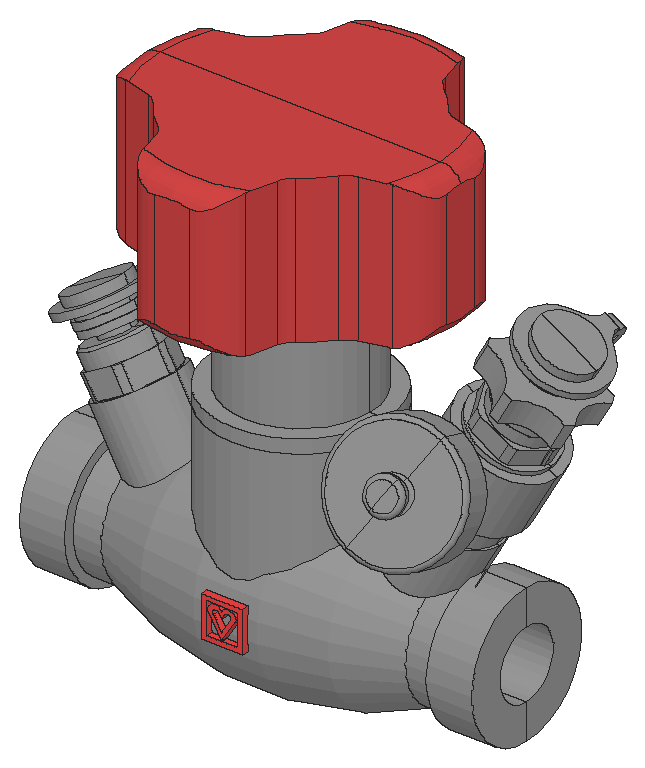
Revit family "HERZ Strömax клапан балансировочный с измерительными клапанами 4217 GML (LF-MF)", category Rohrzubehör, Revit 2018
Family settings
  Bemaßung runder Anschluss = Durchmesser verwenden
  Teiletyp = Unterbricht
  OmniClass-Nummer = 23.65.55.14
  OmniClass-Titel = Valves for Liquid Services
  Arbeitsebenenbasiert = Nein
  Immer vertikal = Ja
  Beim Laden mit Abzugskörper schneiden = Nein
  Gemeinsam genutzt = Nein
Parameters (values of type "LF")
  Среда = "Качество теплоносителя в соответствии с ÖNORM H5195 и VDI 2035.\r\nДопускается использование этилен- и пропиленгликоля в соотношении 25-50% с водой."
  Положение клапана при монтаже = "Неподнимающийся шпиндель, расположенный перпендикулярно оси клапана, обеспечивает доступность и лёгкость в обслуживании в любом монтажном положении."
  Область применения = "Балансировочные клапаны применяются для гидравлической балансировки систем отопления и охлаждения, регулировки магистральных трубопроводов, стояков, теплообменников, регистров отопления и охлаждения."
  Номер заказа [instance] = if(and(LF, Nennweite = 15.00 mm), 1421710, if(and(MF, Nennweite = 15.00 mm), 1421719, 0))  # 1421710
  Макс. рабочее давление = 1600000.0 Pa  # constant formula
  Макс. рабочая температура (с DN40) = 110 °C  # constant formula
  Макс. рабочая температура (до DN32) = 130 °C  # constant formula
  Корпус = "латунь, устойчивая к селективной цинковой коррозии"  # constant formula
  Исполнение = "STRÖMAX-GML Балансировочный клапан с измерительными клапанами и подключением импульсной трубки, 1/2′′ – 3′′.\r\nИсполнение с прямым невыдвижным шпинделем, муфта х муфта, латунный корпус без покрытия, уплотнение шпинделя двойным кольцевым уплотнением O-Ring, преднастройка посредством ограничения хода внутреннего шпинделя, цифровые показания степени настройки отображаются в окне маховика.\r\nОдин измерительный клапан расположен перед седлом балансировочного клапана, другой измерительный клапан с возможностью подключения импульсной трубки - после седла."
  Измерение перепада давления = "Клапаны STRÖMAX-GML оснащен двумя измерительными клапанами:\r\nс помощью измерительного прибора можно измерить перепад давления и по нему определить текущий расход в зависимости от степени преднастройки.\r\nHERZ Измерительный компьютер (1 8900 05) позволяет напрямую считывать расход (см. руководство к измерительным приборам)."
  kvs-значения [instance] = if(and(LF, Nennweite = 15.00 mm), 0.93, if(and(MF, Nennweite = 15.00 mm), 3.49, 0))  # 0.93
  W02 = 60.00°  # constant formula
  W01 = 30.00°  # constant formula
  URL = "www.herz-armaturen.ru"
  SC_NennweiteBerechnet = 0
  SC_Dimension = ""
  SCRNSEQ = "ARM;ARM_TYP=\"STRV\";2"
  SCRNCODE = "05;07;02"  # constant formula
  S02 = 60.00 mm  # constant formula
  S01 [instance] = H00 + H01  # 68.20 mm
  R01 [instance] = 21.00 mm  # constant formula
  Nennweite [instance] = 15.00 mm
  ML02 [instance] = 30.20 mm  # constant formula
  ML01 [instance] = 20.67 mm  # constant formula
  MF [instance] = no
  MD01 = 9.50 mm  # constant formula
  LF [instance] = yes
  L02 [instance] = 10.00 mm  # constant formula
  L01 [instance] = 16.30 mm  # constant formula
  L00 [instance] = 100.00 mm  # constant formula
  IG [instance] = Nennweite / 2  # 7.50 mm
  Hersteller = "HERZ Armaturen Ges.m.b.H."  # constant formula
  H04 [instance] = 2.50 mm  # constant formula
  H03 = 10.00 mm  # constant formula
  H02 [instance] = 3.00 mm  # constant formula
  H01 [instance] = 33.30 mm  # constant formula
  H00 [instance] = 34.90 mm  # constant formula
  Вес [instance] = if(and(LF, Nennweite = 15.00 mm), "0.98 kg", if(and(MF, Nennweite = 15.00 mm), "0.97 kg", "0 kg"))  # "0.98 kg"
  GT [instance] = 15.00 mm  # constant formula
  DN50-DN80 [instance] = H00 + H01  # 68.20 mm
  DN15-DN40 [instance] = H00 + H01  # 68.20 mm
  DN15 [instance] = Nennweite = 15.00 mm  # yes
  D06 [instance] = 15.40 mm  # constant formula
  D05 [instance] = 13.15 mm  # constant formula
  D04 = 9.00 mm  # constant formula
  D03 [instance] = 19.00 mm  # constant formula
  D02 [instance] = 15.25 mm  # constant formula
  D01 [instance] = 13.20 mm  # constant formula
Types (3, lengths in mm): name | Номер заказа | kvs-значения | MF | LF | Вес
  (no name) | 1421710 | 0.93 | no | yes | "0.98 kg"
  LF | 1421710 | 0.93 | no | yes | "0.98 kg"
  MF | 1421719 | 3.49 | yes | no | "0.97 kg"
Reference planes
  plane 1 "Mitte (Vorne/hinten)": y = 0
  plane 2: z = 0
  plane 3 "Mitte (Links/rechts)": x = 0
Forms (mm)
  Revolve 1, solid, material "Messing, weicher Gelbton, geschweißt", detail levels fine
    sketch origin (0, 0, 0) x (1, 0, 0) y (0, 0, 1)
      loop
        line (-50, 15.25) -> (-50, 7.5) -> (-35, 7.5) -> (-35, 0) -> (35, 0) -> (35, 7.5) -> (50, 7.5) -> (50, 15.25) -> (40, 15.25) -> (40, 13.2) -> (33.7, 13.2)
        arc (33.7, 13.2) -> (0, 21) -> (-33.7, 13.2) r 76.701
        line (-33.7, 13.2) -> (-40, 13.2) -> (-40, 15.25) -> (-50, 15.25)
      axis (-50, 0) -> (50, 0)
    angle from 0 to 360
  Revolve 2, solid, material "Messing, weicher Gelbton, geschweißt", detail levels fine
    sketch origin (0, 0, 0) x (1, 0, 0) y (0, 0, 1)
      loop
        line (20.67, 0) -> (35.77, 26.154) -> (27.543, 30.904) -> (12.443, 4.75) -> (20.67, 0)
      axis (20.67, 0) -> (35.77, 26.154)
    angle from 0 to 360
  Revolve 3, solid, material "Messing, weicher Gelbton, geschweißt", detail levels fine
    sketch origin (0, 0, 0) x (1, 0, 0) y (0, 0, 1)
      loop
        line (0, 0) -> (0, 34.9) -> (-19, 34.9) -> (-19, 0) -> (0, 0)
      axis (0, 34.9) -> (0, 0)
    angle from 0 to 360
  Revolve 4, solid, material "Messing, weicher Gelbton, geschweißt", detail levels fine
    sketch origin (0, 0, 0) x (-1, 0, 0) y (0, 0, 1)
      loop
        line (20.67, 0) -> (35.77, 26.154) -> (27.543, 30.904) -> (12.443, 4.75) -> (20.67, 0)
      axis (20.67, 0) -> (35.77, 26.154)
    angle from 0 to 360
  Revolve 5, solid, material "Messing, weicher Gelbton, geschweißt", detail levels fine
    sketch origin (0, 0, 0) x (1, 0, 0) y (0, 0, 1)
      loop
        line (0, 34.9) -> (0, 68.2) -> (-9, 68.2) -> (-9, 58.2) -> (-13.15, 58.2) -> (-13.15, 55.7) -> (-15.4, 55.7) -> (-15.4, 37.9) -> (-19, 37.9) -> (-19, 34.9) -> (0, 34.9)
      axis (0, 68.2) -> (0, 34.9)
    angle from 0 to 360
Lines and regions (mm)
  model lines, detail levels coarse+medium
    curve 1: line (-50, 0, 15.25) -> (-50, 0, -15.25)
    curve 2: line (-50, 0, -15.25) -> (50, 0, 15.25)
    curve 3: line (50, 0, 15.25) -> (50, 0, -15.25)
    curve 4: line (50, 0, -15.25) -> (-50, 0, 15.25)
    curve 5: line (0, 0, 0) -> (39.375, 0, 68.2)
    curve 6: line (13.395, 0, 83.2) -> (65.356, 0, 53.2)
    curve 7: line (-50, 15.25, 0) -> (-50, -15.25, 0)
    curve 8: line (-50, -15.25, 0) -> (50, 15.25, 0)
    curve 9: line (50, 15.25, 0) -> (50, -15.25, 0)
    curve 10: line (50, -15.25, 0) -> (-50, 15.25, 0)
    curve 11: line (0, 0, 0) -> (39.375, 68.2, 0)
    curve 12: line (13.395, 83.2, 0) -> (65.356, 53.2, 0)
Dimensions and locks
  "IG": Revolve 1 sketch curve to plane 2
  "GT": Revolve 1 sketch curve to Revolve 1 sketch curve  (x2)
  "IG": Revolve 1 sketch curve to Revolve 1 sketch curve
  "D01": Revolve 1 sketch curve to Revolve 1 sketch curve  (x2)
  "R01": Revolve 1 sketch curve to Revolve 1 sketch curve
  "L02": Revolve 1 sketch curve to Revolve 1 sketch curve  (x2)
  "L01": Revolve 1 sketch curve to Revolve 1 sketch curve  (x2)
  "D02": Revolve 1 sketch curve to plane 2  (x2)
  equal spacing: Revolve 1 sketch curve, plane 3 "Mitte (Links/rechts)", Revolve 1 sketch curve
  "L00": Revolve 1 sketch curve to Revolve 1 sketch curve
  "R01": nested 1 to plane 1 "Mitte (Vorne/hinten)"
  "ML01": Revolve 2 sketch curve to plane 3 "Mitte (Links/rechts)"
  "H00": Revolve 3 sketch curve to plane 2
  "D03": Revolve 3 sketch curve to Revolve 3 sketch curve
  "ML02": Revolve 2 sketch curve to Revolve 2 sketch curve
  "MD01": Revolve 2 sketch curve to Revolve 2 sketch curve  (x2)
  "ML02": Revolve 4 sketch curve to Revolve 4 sketch curve
  "MD01": Revolve 4 sketch curve to Revolve 4 sketch curve  (x2)
  "ML01": plane 3 "Mitte (Links/rechts)" to Revolve 4 sketch curve
  "H00": Revolve 5 sketch curve to plane 2
  "H01": Revolve 5 sketch curve to Revolve 5 sketch curve
  "D04": Revolve 5 sketch curve to Revolve 5 sketch curve
  "D03": Revolve 5 sketch curve to Revolve 5 sketch curve
  "D05": Revolve 5 sketch curve to Revolve 5 sketch curve
  "D06": Revolve 5 sketch curve to Revolve 5 sketch curve
  "H02": Revolve 5 sketch curve to Revolve 5 sketch curve
  "H03": Revolve 5 sketch curve to Revolve 5 sketch curve
  "H04": Revolve 5 sketch curve to Revolve 5 sketch curve
  "DN15-DN40": nested 2 to plane 2
  "D02": curve 4 to plane 2 to curve 2
  "D02": curve 3 to plane 2 to curve 4
  equal spacing: curve 1, plane 3 "Mitte (Links/rechts)", curve 3
  "L00": curve 1 to curve 3
  equal spacing: Revolve 1, curve 5, Revolve 1
  "S01": curve 5 to plane 2
  equal spacing: curve 6, curve 5, curve 6
  "S02": curve 6 to curve 6
  "D02": curve 8 to plane 1 "Mitte (Vorne/hinten)" to curve 10
  "D02": curve 10 to plane 1 "Mitte (Vorne/hinten)" to curve 9
  equal spacing: curve 7, plane 3 "Mitte (Links/rechts)", curve 9
  "L00": curve 7 to curve 9
  equal spacing: curve 7, curve 11, curve 9
  "S01": plane 1 "Mitte (Vorne/hinten)" to curve 11
  equal spacing: curve 12, curve 11, curve 12
  "S02": curve 12 to curve 12
  "W01": angle Revolve 2 sketch curve to plane 3 "Mitte (Links/rechts)"  (x2)
  "W01": angle plane 3 "Mitte (Links/rechts)" to Revolve 4 sketch curve  (x2)
  "W02": angle plane 2 to curve 5
  "W02": angle plane 1 "Mitte (Vorne/hinten)" to curve 11
  aligned and locked: level to plane 2
Automatic sketch dimensions
  Revolve 1 sketch curve to level = 0.00 mm  (x2)
  Revolve 1 sketch curve to Revolve 1 sketch curve = 1429.986 mm
  Revolve 1 sketch curve to Revolve 1 sketch curve = 1762.604 mm
  Revolve 2 sketch curve to level = 0.00 mm  (x2)
  Revolve 3 sketch curve to level = 0.00 mm
  Revolve 3 sketch curve to plane 3 "Mitte (Links/rechts)" = 0.00 mm  (x2)
  Revolve 3 sketch curve to Revolve 3 sketch curve = 366.045 mm
  Revolve 3 sketch curve to Revolve 3 sketch curve = 2179.415 mm
  Revolve 4 sketch curve to level = 0.00 mm  (x2)
  Revolve 5 sketch curve to plane 3 "Mitte (Links/rechts)" = 0.00 mm  (x2)
  Revolve 5 sketch curve to level = 366.045 mm
  Revolve 5 sketch curve to Revolve 5 sketch curve = 2146.115 mm
Nested families
  nested 1: "Herz-Logo-vorne" at (0, -21, 0) x (0, 1, 0) z (0, 0, 1), type "Herz-Logo-vorne", detail levels fine
  nested 2: "Strangregulierventil-Handrad-Gerade (Rot) DN15-DN40" at (0, 0, 68.2), visible <- "DN15", type "Strangregulierventil-Handrad-Gerade (Rot) DN15-DN40", detail levels fine
    with Nennweite 0.00 mm, Gewicht 0.00 kg, Bestellnummer 0
  nested 3: "Messstutzen_Band-KFE_Austritt_30Grad_(oben)" at (41.17, 0, 35.507), visible <- "DN15", type "Messstutzen_Band_Austritt_30Grad_(oben)", detail levels fine
    with Schutzkappe yes, Nennweite 0.00 mm, Gewicht 0.00 kg, Bestellnummer 0
  nested 4: "Messstutzen_Band_Eintritt_30Grad_(oben)" at (-27.02, 0, 10.999) x (-1, 0, 0) z (0, 0, 1), visible <- "DN15", type "Messstutzen_Band_Eintritt_30Grad_(oben)", detail levels fine
    with Schutzkappe yes, Nennweite 0.00 mm, Gewicht 0.00 kg, Bestellnummer 0
Connectors
  piping at (-35, 0, 0), diameter 15, driven by "Nennweite"
    settings: on Revolve 1, index 1, connector inside diameter 609.6 mm, connector length 0.00 mm, flow factor 0, pipe flow 0.0 L/s, pressure drop 0.0 Pa, fitting loss kfactor 0, connector angle 0.00°, fixture units 0, engagement length 0.00 mm, angle of deflection 0.00°, flow configuration 0, flow direction 1, fitting loss method 0, system type 29, joint type 0, gender type 0, connector reference index -1, connector utility 0, adjustable connector no, is connector primary yes, connector description ""
  piping at (35, 0, 0), diameter 15, driven by "Nennweite"
    settings: on Revolve 1, index 2, connector inside diameter 609.6 mm, connector length 0.00 mm, flow factor 0, pipe flow 0.0 L/s, pressure drop 0.0 Pa, fitting loss kfactor 0, connector angle 0.00°, fixture units 0, engagement length 0.00 mm, angle of deflection 0.00°, flow configuration 0, flow direction 2, fitting loss method 0, system type 29, joint type 0, gender type 0, connector reference index -1, connector utility 0, adjustable connector no, is connector primary no, connector description ""
Definition of nested family "Herz-Logo-vorne"
  Reference planes
    plane 1 "Mitte (Vorne/hinten)": y = 0
    plane 2: z = 0
    plane 3 "Mitte (Links/rechts)": x = 0
  Forms (mm)
    Extrusion 1, solid
      sketch origin (0.732, -0.018, 0.017) x (0, -1, 0) y (0, 0, 1)
        loop
          line (-0.018, -4.517) -> (4.482, -4.517) -> (4.482, 4.483) -> (-4.518, 4.483) -> (-4.518, -4.517) -> (-0.018, -4.517)
        loop
          line (-0.05, -3.48) -> (3.482, -3.48) -> (3.482, 3.483) -> (-3.518, 3.483) -> (-3.518, -3.48) -> (-0.05, -3.48)
        loop
          arc (-0.018, 2.383) -> (-1.543, 3.287) -> (-3.067, 2.383) r 1.738
          arc (-3.067, 2.383) -> (-3.191, 1.899) -> (-3.067, 1.415) r 1.009
          line (-3.067, 1.415) -> (-0.018, -3.281) -> (3.032, 1.415)
          arc (3.032, 1.415) -> (3.156, 1.899) -> (3.032, 2.383) r 1.009
          arc (3.032, 2.383) -> (1.507, 3.287) -> (-0.018, 2.383) r 1.738
        loop
          arc (1.885, 1.272) -> (2.005, 1.675) -> (1.885, 2.079) r 0.74
          arc (1.885, 2.079) -> (1.265, 2.416) -> (0.644, 2.079) r 0.74
          line (0.644, 2.079) -> (-0.018, 0.97) -> (-0.679, 2.079)
          arc (-0.679, 2.079) -> (-1.3, 2.416) -> (-1.921, 2.079) r 0.74
          arc (-1.921, 2.079) -> (-2.04, 1.675) -> (-1.921, 1.272) r 0.74
          line (-1.921, 1.272) -> (-0.018, -1.658) -> (1.885, 1.272)
      from 0 to 1.5
  Dimensions and locks
    aligned and locked: level to plane 2
Definition of nested family "Strangregulierventil-Handrad-Gerade (Rot) DN15-DN40"
  Parameters (values of type "Strangregulierventil-Handrad-Gerade (Rot) DN15-DN40")
    URL = "www.herz-armaturen.at"
    Nennweite [instance] = 0.00 mm
    Manufacturer = "Herz Armaturen GmbH"  # constant formula
    Gewicht [instance] = 0.00 kg
    Bestellnummer [instance] = 0
  Reference planes
    plane 1 "Mitte (Vorne/hinten)": y = 0
    plane 2: z = 0
    plane 3 "Mitte (Links/rechts)": x = 0
  Forms (mm)
    Revolve 1, solid, detail levels fine
      sketch origin (0, 0, 0) x (1, 0, 0) y (0, 0, 1)
        loop
          line (0, 0) -> (0, 24.95) -> (-30.992, 24.95)
          arc (-30.992, 24.95) -> (-34.37, 23.636) -> (-35.973, 20.386) r 5
          line (-35.973, 20.386) -> (-37, 8.65) -> (-35.986, -2.936)
          arc (-35.986, -2.936) -> (-34.383, -6.186) -> (-31.005, -7.5) r 5
          line (-31.005, -7.5) -> (-15, -7.5) -> (-15, 0) -> (0, 0)
        axis (0, 24.95) -> (0, -7.5)
      angle from 0 to 360
    Extrusion 2, void
      sketch origin (0, 0, 20.3) x (1, 0, 0) y (0, 1, 0)
        loop
          line (3.861, 35.5) -> (-3.861, 35.5)
          arc (-3.861, 35.5) -> (-8.731, 33.847) -> (-11.589, 29.571) r 8
          line (-11.589, 29.571) -> (-13.284, 23.245)
          arc (-13.284, 23.245) -> (-13.982, 21.722) -> (-15.144, 20.516) r 5
          arc (-15.144, 20.516) -> (-18.031, 18.031) -> (-20.516, 15.144) r 25.5
          arc (-20.516, 15.144) -> (-21.722, 13.982) -> (-23.245, 13.284) r 5
          line (-23.245, 13.284) -> (-29.571, 11.589)
          arc (-29.571, 11.589) -> (-33.847, 8.731) -> (-35.5, 3.861) r 8
          line (-35.5, 3.861) -> (-35.5, -3.861)
          arc (-35.5, -3.861) -> (-33.847, -8.731) -> (-29.571, -11.589) r 8
          line (-29.571, -11.589) -> (-23.245, -13.284)
          arc (-23.245, -13.284) -> (-21.722, -13.982) -> (-20.516, -15.144) r 5
          arc (-20.516, -15.144) -> (-18.031, -18.031) -> (-15.144, -20.516) r 25.5
          arc (-15.144, -20.516) -> (-13.982, -21.722) -> (-13.284, -23.245) r 5
          line (-13.284, -23.245) -> (-11.589, -29.571)
          arc (-11.589, -29.571) -> (-8.731, -33.847) -> (-3.861, -35.5) r 8
          line (-3.861, -35.5) -> (3.861, -35.5)
          arc (3.861, -35.5) -> (8.731, -33.847) -> (11.589, -29.571) r 8
          line (11.589, -29.571) -> (13.284, -23.245)
          arc (13.284, -23.245) -> (13.982, -21.722) -> (15.144, -20.516) r 5
          arc (15.144, -20.516) -> (18.031, -18.031) -> (20.516, -15.144) r 25.5
          arc (20.516, -15.144) -> (21.722, -13.982) -> (23.245, -13.284) r 5
          line (23.245, -13.284) -> (29.571, -11.589)
          arc (29.571, -11.589) -> (33.847, -8.731) -> (35.5, -3.861) r 8
          line (35.5, -3.861) -> (35.5, 3.861)
          arc (35.5, 3.861) -> (33.847, 8.731) -> (29.571, 11.589) r 8
          line (29.571, 11.589) -> (23.245, 13.284)
          arc (23.245, 13.284) -> (21.722, 13.982) -> (20.516, 15.144) r 5
          arc (20.516, 15.144) -> (18.031, 18.031) -> (15.144, 20.516) r 25.5
          arc (15.144, 20.516) -> (13.982, 21.722) -> (13.284, 23.245) r 5
          line (13.284, 23.245) -> (11.589, 29.571)
          arc (11.589, 29.571) -> (8.731, 33.847) -> (3.861, 35.5) r 8
        loop
          circle (0, 0) r 38
      from -31.266 to 7.923
  Cuts and joins
    Extrusion 2 cuts Revolve 1
  Dimensions and locks
    Revolve 1 sketch curve to Revolve 1 sketch curve = 15.00 mm
    Revolve 1 sketch curve to Revolve 1 sketch curve = 16.15 mm
    Revolve 1 sketch curve to Revolve 1 sketch curve = 16.30 mm
    angle Revolve 1 sketch curve to Revolve 1 sketch curve = 95.00°
    aligned and locked: level to plane 2
Definition of nested family "Messstutzen_Band-KFE_Austritt_30Grad_(oben)"
  Parameters (values of type "Messstutzen_Band-KFE_Austritt_30Grad_(oben)")
    URL = "www.herz-armaturen.at"
    Schutzkappe [instance] = yes
    Nennweite [instance] = 0.00 mm
    Manufacturer = "Herz Armaturen GmbH"  # constant formula
    Gewicht [instance] = 0.00 kg
    Bestellnummer [instance] = 0
  Reference planes
    plane 1 "Mitte (Vorne/hinten)": y = 0
    plane 2: z = 0
    plane 3 "Mitte (Links/rechts)": x = 0
  Forms (mm)
    Revolve 1, solid, detail levels fine
      sketch origin (0, 0, 0) x (0.866025, 0, -0.5) y (0.5, 0, 0.866025)
        loop
          line (-7.4, 9) -> (-5.55, 9) -> (-5.55, 6)
          arc (-5.55, 6) -> (-5.626, 5.617) -> (-5.843, 5.293) r 1
          line (-5.843, 5.293) -> (-6.455, 4.681) -> (-6.455, 0.9) -> (-5.555, 0) -> (-2, 0) -> (-2, 23) -> (-2, 35.8) -> (-3.805, 35.8) -> (-4.415, 35.19) -> (-4.415, 30.863) -> (-3.7, 30.45) -> (-3.7, 27) -> (-7.4, 27) -> (-7.4, 9)
        axis (0, 0) -> (0, 35.8)
      angle from 0 to 360
    Extrusion 2, solid, detail levels fine
      sketch origin (8.75, 0, 15.155) x (0, 1, 0) y (-0.866025, 0, 0.5)
        loop
          arc (-7.07, 5.156) -> (-7.578, 4.375) -> (-8, 3.544) r 8.75
          line (-8, 3.544) -> (-8, -3.544)
          arc (-8, -3.544) -> (-7.578, -4.375) -> (-7.07, -5.156) r 8.75
          line (-7.07, -5.156) -> (-0.93, -8.7)
          arc (-0.93, -8.7) -> (0, -8.75) -> (0.93, -8.7) r 8.75
          line (0.93, -8.7) -> (7.07, -5.156)
          arc (7.07, -5.156) -> (7.578, -4.375) -> (8, -3.544) r 8.75
          line (8, -3.544) -> (8, 3.544)
          arc (8, 3.544) -> (7.578, 4.375) -> (7.07, 5.156) r 8.75
          line (7.07, 5.156) -> (0.93, 8.7)
          arc (0.93, 8.7) -> (0, 8.75) -> (-0.93, 8.7) r 8.75
          line (-0.93, 8.7) -> (-7.07, 5.156)
      from -5.51 to -1.21
    Revolve 3, solid, visible <- "Schutzkappe", detail levels fine
      sketch origin (0, 0, 0) x (0.866025, 0, -0.5) y (0.5, 0, 0.866025)
        loop
          line (0, 35.878) -> (0, 36.678) -> (-7, 36.678) -> (-7, 33.378) -> (-6.1, 33.378) -> (-6.1, 31.678) -> (-6.9, 31.678) -> (-6.9, 30.178) -> (-4.415, 30.178) -> (-4.415, 35.268) -> (-3.805, 35.878) -> (0, 35.878)
        axis (0, 30.178) -> (0, 36.678)
      angle from 0 to 360
    Extrusion 4, solid, detail levels fine
      sketch origin (15, 0, 25.981) x (0, 1, 0) y (0.866025, 0, -0.5)
        loop
          circle (0, 0) r 3.7
        loop
          arc (5.505, -3.906) -> (7.288, -2.358) -> (9.582, -1.8) r 5
          line (9.582, -1.8) -> (9.582, 1.8)
          arc (9.582, 1.8) -> (7.288, 2.358) -> (5.505, 3.906) r 5
          arc (5.505, 3.906) -> (-6.75, 0) -> (5.505, -3.906) r 6.75
      from 0 to -1.5
    Extrusion 5, solid, detail levels fine
      sketch origin (16.589, 0, 28.733) x (0, 1, 0) y (0.866025, 0, -0.5)
        loop
          circle (0, 0) r 6.1
        loop
          arc (8.652, -4.495) -> (10.493, -2.527) -> (13.089, -1.8) r 5
          line (13.089, -1.8) -> (13.089, 1.8)
          arc (13.089, 1.8) -> (10.493, 2.527) -> (8.652, 4.495) r 5
          arc (8.652, 4.495) -> (-9.75, 0) -> (8.652, -4.495) r 9.75
      from 0 to -1.5
    Sweep 6, solid, detail levels fine
      path origin (0, 0, 0) x (-0.5, 0, -0.866025) y (0, 1, 0)
        loop
          line (-29.25, 9.582) -> (-29.25, 14.522)
          arc (-29.25, 14.522) -> (-30.839, 16.112) -> (-32.428, 14.522) r 1.589
          line (-32.428, 14.522) -> (-32.428, 13.089)
      profile origin (14.625, 12.052, 25.331) x (0.5, 0, 0.866025) y (0.866025, 0, -0.5)
        loop
          line (-0.75, -1.8) -> (0.75, -1.8) -> (0.75, 1.8) -> (-0.75, 1.8) -> (-0.75, -1.8)
    Extrusion 7, solid, detail levels fine
      sketch origin (-87.639, 0, 50.598) x (0.866025, 0, -0.5) y (0, 1, 0)
        loop
          arc (112.053, 5.113) -> (111.589, 6) -> (111.053, 6.845) r 12
          arc (111.053, 6.845) -> (105.696, 7.794) -> (102.196, 11.958) r 7.971
          arc (102.196, 11.958) -> (101.196, 12) -> (100.196, 11.958) r 12
          arc (100.196, 11.958) -> (96.696, 7.794) -> (91.34, 6.845) r 7.971
          arc (91.34, 6.845) -> (90.804, 6) -> (90.34, 5.113) r 12
          arc (90.34, 5.113) -> (92.196, 0) -> (90.34, -5.113) r 7.971
          arc (90.34, -5.113) -> (90.804, -6) -> (91.34, -6.845) r 12
          arc (91.34, -6.845) -> (96.696, -7.794) -> (100.196, -11.958) r 7.971
          arc (100.196, -11.958) -> (101.196, -12) -> (102.196, -11.958) r 12
          arc (102.196, -11.958) -> (105.696, -7.794) -> (111.053, -6.845) r 7.971
          arc (111.053, -6.845) -> (111.589, -6) -> (112.053, -5.113) r 12
          arc (112.053, -5.113) -> (110.196, 0) -> (112.053, 5.113) r 7.971
      from 22.3 to 28.5
    Revolve 8, solid, detail levels fine
      sketch origin (-47.563, 0, 4.367) x (-0.866025, 0, 0.5) y (0.5, 0, 0.866025)
        loop
          line (-43.374, 0) -> (-37.874, 0) -> (-36.774, 1.1) -> (-36.774, 4.9) -> (-37.874, 6) -> (-37.874, 8.4) -> (-36.424, 8.4) -> (-36.424, 9.2) -> (-34.424, 9.2) -> (-34.424, 15.59) -> (-31.874, 15.59) -> (-31.874, 30.99) -> (-33.874, 30.99) -> (-33.874, 31.99) -> (-43.374, 31.99) -> (-43.374, 0)
        loop
          line (-43.374, 39) -> (-43.374, 36.29) -> (-35.874, 36.29) -> (-35.874, 39) -> (-43.374, 39)
        axis (-43.374, 39) -> (-43.374, 0)
      angle from 0 to 360
    Revolve 9, solid, detail levels fine
      sketch origin (0, 0, 0) x (0, -1, 0) y (0.5, 0, 0.866025)
        loop
          line (0, -1.01) -> (32.627, 14.204) -> (27.556, 25.08) -> (25.934, 25.67) -> (21.602, 23.65) -> (14.873, 11.994) -> (-2.324, 3.975) -> (0, -1.01)
        axis (32.627, 14.204) -> (0, -1.01)
      angle from 0 to 360
    Revolve 10, solid, detail levels fine
      sketch origin (-19.899, -51.188, -34.465) x (-0.453154, -0.422618, -0.784886) y (0.211309, -0.906308, 0.365998)
        loop
          line (-56.786, 8) -> (-45.747, 8) -> (-45.747, 0) -> (-43.834, 0) -> (-42.786, 1.048) -> (-42.786, 8.048)
          arc (-42.786, 8.048) -> (-43.065, 8.721) -> (-43.738, 9) r 0.952
          line (-43.738, 9) -> (-52.974, 9)
          arc (-52.974, 9) -> (-53.548, 9.238) -> (-53.786, 9.812) r 0.812
          line (-53.786, 9.812) -> (-53.786, 12) -> (-52.786, 12) -> (-52.786, 13.03)
          arc (-52.786, 13.03) -> (-53.07, 13.716) -> (-53.756, 14) r 0.97
          line (-53.756, 14) -> (-56.786, 14) -> (-56.786, 8)
        axis (-56.786, 14) -> (-56.786, 0)
      angle from 0 to 360
  Dimensions and locks
    aligned and locked: level to plane 2
Definition of nested family "Messstutzen_Band_Eintritt_30Grad_(oben)"
  Parameters (values of type "Messstutzen_Band_Eintritt_30Grad_(oben)")
    URL = "www.herz-armaturen.at"
    Schutzkappe [instance] = yes
    Nennweite [instance] = 0.00 mm
    Manufacturer = "Herz Armaturen GmbH"  # constant formula
    Gewicht [instance] = 0.00 kg
    Bestellnummer [instance] = 0
  Reference planes
    plane 1 "Mitte (Vorne/hinten)": y = 0
    plane 2: z = 0
    plane 3 "Mitte (Links/rechts)": x = 0
  Forms (mm)
    Revolve 1, solid, detail levels fine
      sketch origin (0, 0, 0) x (0.866025, 0, -0.5) y (0.5, 0, 0.866025)
        loop
          line (-7.4, 9) -> (-5.55, 9) -> (-5.55, 6)
          arc (-5.55, 6) -> (-5.626, 5.617) -> (-5.843, 5.293) r 1
          line (-5.843, 5.293) -> (-6.455, 4.681) -> (-6.455, 0.9) -> (-5.555, 0) -> (-2, 0) -> (-2, 17.5) -> (-8.4, 17.5)
          arc (-8.4, 17.5) -> (-7.693, 17.207) -> (-7.4, 16.5) r 1
          line (-7.4, 16.5) -> (-7.4, 9)
        loop
          line (-3.7, 27) -> (-7.3, 27) -> (-7.9, 26.4) -> (-7.9, 23) -> (-2, 23) -> (-2, 35.8) -> (-3.805, 35.8) -> (-4.415, 35.19) -> (-4.415, 30.863) -> (-3.7, 30.45) -> (-3.7, 27)
        axis (0, 0) -> (0, 35.8)
      angle from 0 to 360
    Extrusion 2, solid, detail levels fine
      sketch origin (8.75, 0, 15.155) x (0, 1, 0) y (-0.866025, 0, 0.5)
        loop
          arc (-7.07, 5.156) -> (-7.578, 4.375) -> (-8, 3.544) r 8.75
          line (-8, 3.544) -> (-8, -3.544)
          arc (-8, -3.544) -> (-7.578, -4.375) -> (-7.07, -5.156) r 8.75
          line (-7.07, -5.156) -> (-0.93, -8.7)
          arc (-0.93, -8.7) -> (0, -8.75) -> (0.93, -8.7) r 8.75
          line (0.93, -8.7) -> (7.07, -5.156)
          arc (7.07, -5.156) -> (7.578, -4.375) -> (8, -3.544) r 8.75
          line (8, -3.544) -> (8, 3.544)
          arc (8, 3.544) -> (7.578, 4.375) -> (7.07, 5.156) r 8.75
          line (7.07, 5.156) -> (0.93, 8.7)
          arc (0.93, 8.7) -> (0, 8.75) -> (-0.93, 8.7) r 8.75
          line (-0.93, 8.7) -> (-7.07, 5.156)
      from 0 to 5.5
    Revolve 3, solid, visible <- "Schutzkappe", detail levels fine
      sketch origin (0, 0, 0) x (0.866025, 0, -0.5) y (0.5, 0, 0.866025)
        loop
          line (0, 35.878) -> (0, 36.678) -> (-7, 36.678) -> (-7, 33.378) -> (-6.1, 33.378) -> (-6.1, 31.678) -> (-6.9, 31.678) -> (-6.9, 30.178) -> (-4.415, 30.178) -> (-4.415, 35.268) -> (-3.805, 35.878) -> (0, 35.878)
        axis (0, 30.178) -> (0, 36.678)
      angle from 0 to 360
    Extrusion 4, solid, detail levels fine
      sketch origin (14.25, 0, 24.682) x (0, 1, 0) y (0.866025, 0, -0.5)
        loop
          circle (0, 0) r 3.7
        loop
          arc (5.505, -3.906) -> (7.288, -2.358) -> (9.582, -1.8) r 5
          line (9.582, -1.8) -> (9.582, 1.8)
          arc (9.582, 1.8) -> (7.288, 2.358) -> (5.505, 3.906) r 5
          arc (5.505, 3.906) -> (-6.75, 0) -> (5.505, -3.906) r 6.75
      from 0 to -1.5
    Extrusion 5, solid, detail levels fine
      sketch origin (16.589, 0, 28.733) x (0, 1, 0) y (0.866025, 0, -0.5)
        loop
          circle (0, 0) r 6.1
        loop
          arc (8.652, -4.495) -> (10.493, -2.527) -> (13.089, -1.8) r 5
          line (13.089, -1.8) -> (13.089, 1.8)
          arc (13.089, 1.8) -> (10.493, 2.527) -> (8.652, 4.495) r 5
          arc (8.652, 4.495) -> (-9.75, 0) -> (8.652, -4.495) r 9.75
      from 0 to -1.5
    Sweep 6, solid, detail levels fine
      path origin (0.933, -0.183, 1.116) x (-0.5, 0, -0.866025) y (0, 1, 0)
        loop
          line (-27.75, 9.582) -> (-27.75, 14.522)
          arc (-27.75, 14.522) -> (-30.089, 16.862) -> (-32.428, 14.522) r 2.339
          line (-32.428, 14.522) -> (-32.428, 13.089)
      profile origin (14.808, 11.869, 25.148) x (0.5, 0, 0.866025) y (0.866025, 0, -0.5)
        loop
          line (-0.75, -1.8) -> (0.75, -1.8) -> (0.75, 1.8) -> (-0.75, 1.8) -> (-0.75, -1.8)
  Dimensions and locks
    aligned and locked: level to plane 2
